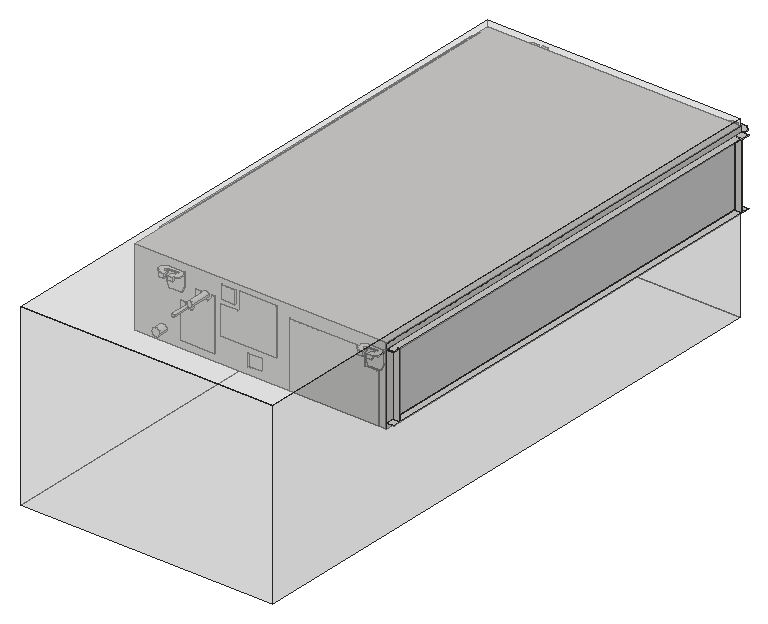
Revit family "outputfile", category 機械設備, Revit 2024
Family settings
  丸型コネクタ寸法 = 半径を使用
  パーツ タイプ = 標準
  OmniClass 番号 = 23.75.10.24.21.27.27
  OmniClass タイトル = Split System Air Conditioning Units
  作業面ベース = いいえ
  常に垂直 = はい
  ロード時にボイドで切り取り = いいえ
  注釈の向きを維持 = いいえ
  共有 = いいえ
  部屋計算ポイント = はい
Parameters (values of type "FBFC36DV2S")
  Description = ""
  製造元 = "Daikin"
  書き出し IFC クラス(タイプ) = "IfcUnitaryEquipmentType"
  定義済み IFC タイプ(タイプ) = "AIRCONDITIONINGUNIT"
  Cost = 0
  モデル = "FBFC36DV2S"
  Type Comments = ""
  Keynote = ""
  Type Image = (empty or 0)
  Assembly Code = ""
  switch_frequency = yes
  r_Liquid Pipe Size = Liquid Pipe Size / 2  # 4.75 mm
  r_Gas Pipe Size = Gas Pipe Size / 2  # 7.95 mm
  r_Drain Pipe Size = Drain Pipe Size / 2  # 12.5 mm
  lw_power = 770.0 mm  # constant formula
  lh_SA = 138.0 mm  # constant formula
  lw_SA = if(Depth = 550.0 mm, 225.0 mm, if(Depth = 700.0 mm, 300.0 mm, if(Depth = 1000.0 mm, 450.0 mm, if(Depth = 1400.0 mm, 650.0 mm, 725.0 mm))))  # 650.0 mm
  lw_RA = if(Depth = 550.0 mm, 275.0 mm, if(Depth = 700.0 mm, 349.0 mm, if(Depth = 1000.0 mm, 499.0 mm, if(Depth = 1400.0 mm, 699.0 mm, 775.0 mm))))  # 699.0 mm
  lh_power = 60.0 mm + [h***]  # 60.0 mm
  lh_mountinghole1 = lh_mountinghole + [h***]  # 222.0 mm
  lh_RA = 123.0 mm  # constant formula
  ld_power = Depth / 2  # 700.0 mm
  connector_voltage = Voltage_50Hz  # 220 V
  connector_powerinput = [Power Input (Cooling)]  # 0.000 kW
  connector_phase = Phase_50Hz  # 1
  Voltage_comment_50Hz = "220 - 240"
  Voltage_50Hz = 220 V
  URL = ""
  Supply Air Direction [instance] = yes
  Sound Power Level_H speed (dB) = 0
  Phase_50Hz = 1
  Minimum External Static Pressure = 50.00 Pa
  Minimum Circuit Amps_50Hz = 0.0 A
  Maximum Fuse Amps_50Hz = 0.0 A
  Maximum External Static Pressure = 150.00 Pa
  Material_Casing = DAIKIN_GalvanizedSteel_Casing_indoorunit
  lw_mountinghole = 630.0 mm  # constant formula
  lh_gaspipe = 183.0 mm + [h***]  # 183.0 mm
  lh_mountinghole = 222.0 mm  # constant formula
  lh_liquidpipe = 136.0 mm + [h***]  # 136.0 mm
  lh_drainpipe = 38.0 mm + [h***]  # 38.0 mm
  lh_antena = Height - lh_mountinghole + 1.0 mm  # 24.0 mm
  ld_drainpipe = Depth / 2 + 26.0 mm  # 726.0 mm
  ld_liquidpipe = Depth / 2 + 69.0 mm  # 769.0 mm
  ld_gaspipe = Depth / 2 + 65.0 mm  # 765.0 mm
  ld_mountinghole = Depth + 38.0 mm  # 1438.0 mm
  h*** = 0.0 mm  # constant formula
  lw_liquidpipe = 179.0 mm  # constant formula
  lw_gaspipe = 229.0 mm  # constant formula
  lw_drainpipe = 91.0 mm  # constant formula
  Width = 800.0 mm
  Version = "ver.1.0"
  Unit Type = "M.S.P. Duct"
  Unit Mass Weight = 46.00 kg
  Unit Designation [instance] = ""
  Uniclass2015Version = "Products v1.30"
  Uniclass2015Title = "Split coil room air conditioning units"
  Uniclass2015Code = "Pr_70_65_03_86"
  Total Cooling Capacity [instance] = 0.000 kW
  Sound Pressure Level_M speed (dBA) = 37.5
  Sound Pressure Level_L speed (dBA) = 35
  Sound Pressure Level_H speed (dBA) = 40
  Series = "SkyAir_Fan Coil Unit"
  Sensible Cooling Capacity [instance] = 0.000 kW
  SA Duct Size Width = 1192.0 mm
  SA Duct Size Height = 176.0 mm
  Refrigerant Type = "R32"
  RA Duct Size Width = 1352.0 mm
  RA Duct Size Height = 208.0 mm
  Power Input (Cooling) = 0.000 kW
  Option Accessory 3 [instance] = ""
  Option Accessory 2 [instance] = ""
  Option Accessory 1 [instance] = ""
  Nominal Cooling Capacity = 10.600 kW
  Minimum Airflow = 1500.00 m³/h
  Median Airflow = 1830.00 m³/h
  Maximum Airflow = 2160.00 m³/h
  Load Classification = HVAC
  Liquid Pipe Size = 9.5 mm
  Link_Nested Family [instance] = ""
  IfcVersion = ""
  IfcExportType = "AIRCONDITIONINGUNIT"
  IfcExportAs = "IfcUnitaryEquipmentType"
  Height = 245.0 mm
  Heat Exchanger Type = "Cross Fin Coil"
  Gas Pipe Size = 15.9 mm
  Frequency_50Hz = 50 Hz
  Fan Type = "Sirocco Fan"
  Fan Drive = "Direct Drive"
  FCU Tag No. [instance] = ""
  Drain Pipe Size = 25.0 mm
  Design Supply Airflow [instance] = 0.00 m³/h
  Design Return Airflow [instance] = 0.00 m³/h
  Design External Static Pressure [instance] = 0.00 Pa
  Depth = 1400.0 mm
  既定の高さ = 0.0 mm
  Cooling Entering Wet Bulb Temperature [instance] = 0.00 °C
  Cooling Entering Dry Bulb Temperature [instance] = 0.00 °C
  Cooling Ambient Wet Bulb Temperature [instance] = 0.00 °C
  Cooling Ambient Dry Bulb Temperature [instance] = 0.00 °C
  Clearance visibility [instance] = yes
  Clearance Top = 20.0 mm
  Clearance Right = 0.0 mm
  Clearance Rear = 0.0 mm
  Clearance Left = 0.0 mm
  Clearance Front = 450.0 mm
  Clearance Bottom = 300.0 mm
Reference planes
  plane 1 "Center (Front/Back)": y = 0
  plane 2 "h": z = 0
  plane 3 "Center (Left/Right)": x = 0
  plane 4 "Back": y = 700
  plane 5 "Front": y = -700
  plane 6 "Left": x = -400
  plane 7 "Right": x = 400
  plane 8 "Top": z = 0
  plane 9 "Bottom": z = -245
  plane 10: y = -215
  plane 11: y = 700
  plane 12: y = -1150
  plane 13: x = -400
  plane 14: x = 400
  plane 15: z = 20
  plane 16: z = -545
  plane 17: x = -400
  plane 18: x = -399
  plane 19: x = 399
  plane 20: y = 50
  plane 21: y = -1
  plane 22: z = -122
  plane 23: y = -701
  plane 24: z = -109
  plane 25: x = -221
  plane 26: y = -765
  plane 27: z = -62
  plane 28: x = -171
  plane 29: y = -726
  plane 30: z = -207
  plane 31: x = -309
  plane 32: x = -309
  plane 33: x = -221
  plane 34: x = -171
  plane 35: x = 370
  plane 36: x = -266
  plane 37: x = 364
  plane 38: y = -719
  plane 39: y = 719
  plane 40: z = -23
  plane 41: z = -107
  plane 42: y = -769
  plane 43: y = -726
  plane 44: x = -251
  plane 45: x = -203
  plane 46: x = -144
  plane 47: z = -59
  plane 48: z = -106
  plane 49: z = -221
  plane 50: z = -109
  plane 51: x = -221
  plane 52: z = -62
  plane 53: x = -171
  plane 54: z = -17
  plane 55: z = -59
  plane 56: x = -121
  plane 57: x = -79
  plane 58: x = -125
  plane 59: x = -64
  plane 60: x = 53
  plane 61: z = -164
  plane 62: z = -73
  plane 63: z = -16
  plane 64: x = 93.5
  plane 65: x = 374.5
  plane 66: x = 330
  plane 67: z = -88.5
  plane 68: z = -38
  plane 69: z = -242.5
  plane 70: x = -38.5
  plane 71: x = 6.5
  plane 72: z = -181
  plane 73: z = -221
  plane 74: y = -699
  plane 75: x = -424
  plane 76: x = 424
Forms (mm)
  Extrusion 1, solid, material "DAIKIN_GalvanizedSteel_Casing_indoorunit" <- "Material_Casing"
    sketch origin (0, 0, 0) x (1, 0, 0) y (0, 1, 0)
      loop
        line (-399, 700) -> (-399, -700) -> (399, -700) -> (399, 700) -> (-399, 700)
    from -245 to 0
  Extrusion 2, solid, material "DAIKIN_GalvanizedSteel_Casing_indoorunit" <- "Material_Casing"
    sketch origin (0, 0, 0) x (1, 0, 0) y (0, 0, 1)
      loop
        line (-251, -221) -> (-144, -221) -> (-144, -59) -> (-154.47, -59)
        arc (-154.47, -59) -> (-171, -78.8) -> (-187.53, -59) r 16.8
        line (-187.53, -59) -> (-203, -59) -> (-203, -106) -> (-206.916, -106)
        arc (-206.916, -106) -> (-221, -123.4) -> (-235.084, -106) r 14.4
        line (-235.084, -106) -> (-251, -106) -> (-251, -221)
    from 700 to 701
  Extrusion 3, solid, material "DAIKIN_GalvanizedSteel_Casing_indoorunit" <- "Material_Casing"
    sketch origin (0, 0, 0) x (1, 0, 0) y (0, 0, 1)
      loop
        line (-121, -17) -> (-121, -59) -> (-79, -59) -> (-79, -17) -> (-121, -17)
      loop
        line (-125, -73) -> (-125, -164) -> (53, -164) -> (53, -16) -> (-64, -16) -> (-64, -73) -> (-125, -73)
    from 700 to 701
  Extrusion 4, solid, material "DAIKIN_GalvanizedSteel_Casing_indoorunit" <- "Material_Casing"
    sketch origin (0, 0, 0) x (1, 0, 0) y (0, 0, 1)
      loop
        line (93.5, -38) -> (93.5, -242.5) -> (374.5, -242.5) -> (374.5, -88.5) -> (330, -88.5) -> (330, -38) -> (93.5, -38)
    from 700 to 701
  Extrusion 5, solid, material "DAIKIN_GalvanizedSteel_Casing_indoorunit" <- "Material_Casing"
    sketch origin (0, 0, 0) x (1, 0, 0) y (0, 0, 1)
      loop
        circle (-221, -109) r 4.75
    from 700 to 769
  Extrusion 6, solid, material "DAIKIN_GalvanizedSteel_Casing_indoorunit" <- "Material_Casing"
    sketch origin (0, 0, 0) x (1, 0, 0) y (0, 0, 1)
      loop
        circle (-171, -62) r 7.95
    from 700 to 765
  Extrusion 7, solid, material "DAIKIN_GalvanizedSteel_Casing_indoorunit" <- "Material_Casing"
    sketch origin (0, 0, 0) x (1, 0, 0) y (0, 0, 1)
      loop
        circle (-309, -207) r 12.5
    from 700 to 726
  Extrusion 8, void
    sketch origin (0, 0, 0) x (1, 0, 0) y (0, 0, 1)
      loop
        line (-38.5, -181) -> (-38.5, -221) -> (6.5, -221) -> (6.5, -181) -> (-38.5, -181)
    from 699 to 700
Cuts and joins
  Extrusion 8 cuts Extrusion 1
Dimensions and locks
  "Height": plane 8 "Top" to plane 9 "Bottom"
  equal spacing: plane 4 "Back", plane 1 "Center (Front/Back)", plane 5 "Front"
  "Depth": plane 4 "Back" to plane 5 "Front"
  equal spacing: plane 6 "Left", plane 3 "Center (Left/Right)", plane 7 "Right"
  "Width": plane 6 "Left" to plane 7 "Right"
  "Clearance Left": plane 13 to plane 6 "Left"
  "Clearance Right": plane 7 "Right" to plane 14
  "Clearance Rear": plane 11 to plane 4 "Back"
  "Clearance Front": plane 5 "Front" to plane 12
  "Clearance Top": plane 15 to plane 8 "Top"
  "Clearance Bottom": plane 9 "Bottom" to plane 16
  locked: plane 17 to plane 18 at 1
  locked: plane 19 to plane 14 at 1
  "lw_SA": plane 11 to plane 20
  "lw_RA": plane 21 to plane 5 "Front"
  "lh_RA": plane 22 to plane 9 "Bottom"
  locked: plane 5 "Front" to plane 23 at 1
  "lw_liquidpipe": plane 25 to plane 6 "Left"
  "lh_liquidpipe": plane 24 to plane 9 "Bottom"
  "lh_gaspipe": plane 27 to plane 9 "Bottom"
  "lw_gaspipe": plane 28 to plane 6 "Left"
  "ld_gaspipe": plane 26 to plane 1 "Center (Front/Back)"
  "ld_drainpipe": plane 29 to plane 1 "Center (Front/Back)"
  "lh_drainpipe": plane 30 to plane 9 "Bottom"
  "lw_drainpipe": plane 31 to plane 6 "Left"
  "lw_drainpipe": plane 6 "Left" to plane 32
  "lw_liquidpipe": plane 6 "Left" to plane 33
  "lw_gaspipe": plane 6 "Left" to plane 34
  "lw_power": plane 6 "Left" to plane 35
  locked: plane 17 to plane 36 at 134
  "lw_mountinghole": plane 36 to plane 37
  equal spacing: plane 38, plane 1 "Center (Front/Back)", plane 39
  "ld_mountinghole": plane 39 to plane 38
  "lh_mountinghole": plane 40 to plane 9 "Bottom"
  "lh_SA": plane 41 to plane 9 "Bottom"
  locked: plane 5 "Front" to plane 43 at 26
  plane 46 to plane 45 to plane 44 to plane 6 "Left" = 59.0 mm, 48.0 mm, 149.0 mm
  plane 8 "Top" to plane 47 to plane 48 to plane 49 = 59.0 mm locked, 47.0 mm locked, 115.0 mm locked
  plane 53 to plane 51 to plane 6 "Left" = 50.0 mm locked, 179.0 mm locked
  plane 52 to plane 50 to plane 9 "Bottom" = 47.0 mm locked, 136.0 mm locked
  plane 57 to plane 56 to plane 6 "Left" = 42.0 mm locked, 279.0 mm locked
  plane 8 "Top" to plane 54 to plane 55 = 17.0 mm locked, 42.0 mm locked
  plane 60 to plane 59 to plane 58 to plane 6 "Left" = 117.0 mm, 61.0 mm, 275.0 mm
  plane 8 "Top" to plane 63 to plane 62 = 16.0 mm locked, 57.0 mm locked
  locked: plane 63 to plane 61 at 148
  plane 8 "Top" to plane 68 to plane 67 to plane 69 = 38.0 mm locked, 50.5 mm locked, 154.0 mm locked
  plane 65 to plane 66 to plane 64 to plane 6 "Left" = 44.5 mm locked, 236.5 mm locked, 493.5 mm locked
  plane 8 "Top" to plane 72 to plane 73 = 181.0 mm locked, 40.0 mm locked
  plane 71 to plane 70 to plane 6 "Left" = 45.0 mm, 361.5 mm
  locked: plane 74 to plane 5 "Front" at 1
  locked: plane 75 to plane 17 at 24
  locked: plane 14 to plane 76 at 24
  "ld_liquidpipe": plane 42 to plane 1 "Center (Front/Back)"
  "r_Liquid Pipe Size": radius of Extrusion 5 sketch curve
  "r_Gas Pipe Size": radius of Extrusion 6 sketch curve
  "r_Drain Pipe Size": radius of Extrusion 7 sketch curve
  aligned and locked: level to plane 2 "h"
  aligned and locked: plane 8 "Top" to Extrusion 1
  aligned and locked: Extrusion 1 to plane 9 "Bottom"
  aligned and locked: nested 5 to plane 12
  aligned and locked: plane 13 to nested 5
  aligned and locked: plane 14 to nested 5
  aligned and locked: nested 5 to plane 13
  aligned and locked: plane 11 to nested 5
  aligned and locked: plane 15 to nested 5
  aligned and locked: plane 16 to nested 5
  aligned and locked: plane 5 "Front" to Extrusion 1 sketch curve
  aligned and locked: Extrusion 1 to plane 18
  aligned and locked: plane 19 to Extrusion 1
  aligned and locked: nested 7 to plane 18
  aligned and locked: nested 7 to plane 20
  aligned and locked: plane 19 to nested 8
  aligned and locked: plane 21 to nested 8
  aligned and locked: plane 22 to nested 8
  aligned and locked: Extrusion 2 to plane 23
  aligned and locked: plane 5 "Front" to Extrusion 2
  aligned and locked: Extrusion 3 to plane 23
  aligned and locked: plane 5 "Front" to Extrusion 3
  aligned and locked: plane 5 "Front" to Extrusion 4
  aligned and locked: Extrusion 5 sketch curve to plane 25
  aligned and locked: plane 24 to Extrusion 5 sketch curve
  aligned and locked: plane 5 "Front" to Extrusion 5
  aligned and locked: Extrusion 6 sketch curve to plane 28
  aligned and locked: plane 27 to Extrusion 6 sketch curve
  aligned and locked: plane 5 "Front" to Extrusion 6
  aligned and locked: Extrusion 7 sketch curve to plane 31
  aligned and locked: plane 30 to Extrusion 7 sketch curve
  aligned and locked: Extrusion 7 to plane 29
  aligned and locked: nested 3 to plane 29
  aligned and locked: nested 3 to plane 32
  aligned and locked: nested 2 to plane 33
  aligned and locked: nested 1 to plane 34
  aligned and locked: Extrusion 6 to plane 26
  aligned and locked: nested 1 to plane 26
  aligned and locked: nested 6 to plane 5 "Front"
  aligned and locked: nested 6 to plane 35
  aligned and locked: plane 36 to nested 10
  aligned and locked: nested 10 to plane 5 "Front"
  aligned and locked: plane 37 to nested 9
  aligned and locked: nested 9 to plane 5 "Front"
  aligned and locked: nested 11 to plane 36
  aligned and locked: plane 4 "Back" to nested 11
  aligned and locked: nested 12 to plane 37
  aligned and locked: plane 4 "Back" to nested 12
  aligned and locked: plane 40 to nested 10
  aligned and locked: plane 40 to nested 11
  aligned and locked: plane 40 to nested 9
  aligned and locked: plane 40 to nested 12
  aligned and locked: plane 36 to nested 14
  aligned and locked: nested 14 to plane 39
  aligned and locked: plane 37 to nested 13
  aligned and locked: nested 13 to plane 39
  aligned and locked: plane 37 to nested 16
  aligned and locked: plane 38 to nested 16
  aligned and locked: plane 38 to nested 15
  aligned and locked: plane 36 to nested 15
  aligned and locked: plane 17 to plane 6 "Left"
  aligned and locked: plane 41 to nested 7
  aligned and locked: Extrusion 5 to plane 42
  aligned and locked: nested 2 to plane 42
  aligned and locked: Extrusion 3 sketch curve to plane 54
  aligned and locked: Extrusion 3 sketch curve to plane 56
  aligned and locked: plane 55 to Extrusion 3 sketch curve
  aligned and locked: plane 57 to Extrusion 3 sketch curve
  aligned and locked: Extrusion 4 to plane 23
  aligned and locked: Extrusion 8 sketch curve to plane 72
  aligned and locked: plane 73 to Extrusion 8 sketch curve
  aligned and locked: plane 71 to Extrusion 8 sketch curve
  aligned and locked: plane 5 "Front" to Extrusion 8
  aligned and locked: plane 74 to Extrusion 8
  aligned and locked: nested 17 to plane 20
  aligned and locked: nested 17 to plane 75
  aligned and locked: plane 21 to nested 18
  aligned and locked: plane 76 to nested 18
  aligned and locked: plane 41 to nested 17
  aligned and locked: nested 18 to plane 22
  aligned and locked: nested 4 to plane 3 "Center (Left/Right)"
  aligned and locked: plane 1 "Center (Front/Back)" to nested 4
  aligned and locked: level to plane 8 "Top"
  aligned and locked: plane 5 "Front" to Extrusion 7
Automatic sketch dimensions
  plane 6 "Left" to Extrusion 1 sketch curve = 1.0 mm
  Extrusion 1 sketch curve to plane 7 "Right" = 1.0 mm
  Extrusion 1 sketch curve to plane 4 "Back" = 0.0 mm
  Extrusion 2 sketch curve to plane 44 = 0.0 mm
  Extrusion 2 sketch curve to plane 33 = 0.0 mm
  Extrusion 2 sketch curve to plane 45 = 0.0 mm
  Extrusion 2 sketch curve to plane 34 = 0.0 mm
  Extrusion 2 sketch curve to plane 46 = 0.0 mm
  Extrusion 2 sketch curve to plane 49 = 0.0 mm
  Extrusion 2 sketch curve to plane 50 = 0.0 mm
  Extrusion 2 sketch curve to plane 48 = 0.0 mm  (x3)
  Extrusion 2 sketch curve to plane 52 = 0.0 mm
  Extrusion 2 sketch curve to plane 47 = 0.0 mm  (x3)
  plane 33 to Extrusion 2 sketch curve = 14.084 mm
  plane 34 to Extrusion 2 sketch curve = 16.53 mm
  Extrusion 3 sketch curve to plane 58 = 0.0 mm
  Extrusion 3 sketch curve to plane 59 = 0.0 mm
  Extrusion 3 sketch curve to plane 60 = 0.0 mm
  Extrusion 3 sketch curve to plane 61 = 0.0 mm
  Extrusion 3 sketch curve to plane 62 = 0.0 mm
  Extrusion 3 sketch curve to plane 63 = 0.0 mm
  Extrusion 4 sketch curve to plane 64 = 0.0 mm
  Extrusion 4 sketch curve to plane 66 = 0.0 mm
  Extrusion 4 sketch curve to plane 65 = 0.0 mm
  Extrusion 4 sketch curve to plane 69 = 0.0 mm
  Extrusion 4 sketch curve to plane 67 = 0.0 mm
  Extrusion 4 sketch curve to plane 68 = 0.0 mm
  Extrusion 8 sketch curve to plane 70 = 0.0 mm
Nested families
  nested 1: "daikin_connector_rotate2" at (-171, 0, -62), length <- "ld_gaspipe", built-in parameter 1001364 <- "lh_gaspipe", radius <- "r_Gas Pipe Size", type "daikin_connector_rotate2"
    with radius 7.95 mm, length 765.0 mm, angle_vertical 90.00°
  nested 2: "daikin_connector_rotate2" at (-221, 0, -109), length <- "ld_liquidpipe", built-in parameter 1001364 <- "lh_liquidpipe", radius <- "r_Liquid Pipe Size", type "daikin_connector_rotate2"
    with radius 4.75 mm, length 769.0 mm, angle_vertical 90.00°
  nested 3: "daikin_connector_rotate2" at (-309, 0, -207), length <- "ld_drainpipe", built-in parameter 1001364 <- "lh_drainpipe", radius <- "r_Drain Pipe Size", type "daikin_connector_rotate2"
    with radius 12.5 mm, length 726.0 mm, angle_vertical 90.00°
  nested 4: "daikin_△_symbolicline" at (0, 0, 245) x (0, -1, 0) z (0, 0, 1), built-in parameter 1001364 <- "Height", visible <- "Supply Air Direction", type "daikin_△_symbolicline"
    with length 200.0 mm
  nested 5: "daikin_clearancespace" at (0, -225, -262.381), visible <- "Clearance visibility", show <- "Clearance visibility", Link_Nested Family <- "Link_Nested Family", type "daikin_clearancespace"
    with width 800.0 mm, show yes, height 565.0 mm, depth 1850.0 mm, Link_Nested Family ""
  nested 6: "daikin_connector_rotate2" at (370, 0, -185), built-in parameter 1001364 <- "lh_power", length <- "ld_power", type "daikin_connector_rotate2"
    with radius 10.0 mm, length 700.0 mm, angle_vertical 90.00°
  nested 7: "daikin_ductflange_FBFC-DV2S2" at (-399, 50, -107) x (0, -1, 0) z (0, 0, 1), type "daikin_ductflange_FBFC-DV2S2"
  nested 8: "daikin_ductflange_FBFC-DV2S" at (399, -1, -122) x (0, 1, 0) z (0, 0, 1), type "daikin_ductflange_FBFC-DV2S"
    with width 1352.0 mm, lw 25.0 mm, w 1400.0 mm
  nested 9: "daikin_hangerfixture_FBFC-DV2S" at (364, -700, -23), type "daikin_hangerfixture_FBFC-DV2S"
  nested 10: "daikin_hangerfixture_FBFC-DV2S" at (-266, -700, -23), type "daikin_hangerfixture_FBFC-DV2S"
  nested 11: "daikin_hangerfixture_FBFC-DV2S" at (-266, 700, -23) x (-1, 0, 0) z (0, 0, 1), type "daikin_hangerfixture_FBFC-DV2S"
  nested 12: "daikin_hangerfixture_FBFC-DV2S" at (364, 700, -23) x (-1, 0, 0) z (0, 0, 1), type "daikin_hangerfixture_FBFC-DV2S"
  nested 13: "daikin_mountinghole" at (364, 719, -245), h_mountinghole <- "lh_mountinghole1", l_antenna <- "lh_antena", Link_Nested Family <- "Link_Nested Family", type "daikin_mountinghole"
    with show yes, l_antenna 24.0 mm, h_mountinghole 222.0 mm, Link_Nested Family ""
  nested 14: "daikin_mountinghole" at (-266, 719, -245), h_mountinghole <- "lh_mountinghole1", l_antenna <- "lh_antena", Link_Nested Family <- "Link_Nested Family", type "daikin_mountinghole"
    with show yes, l_antenna 24.0 mm, h_mountinghole 222.0 mm, Link_Nested Family ""
  nested 15: "daikin_mountinghole" at (-266, -719, -245), h_mountinghole <- "lh_mountinghole1", l_antenna <- "lh_antena", Link_Nested Family <- "Link_Nested Family", type "daikin_mountinghole"
    with show yes, l_antenna 24.0 mm, h_mountinghole 222.0 mm, Link_Nested Family ""
  nested 16: "daikin_mountinghole" at (364, -719, -245), h_mountinghole <- "lh_mountinghole1", l_antenna <- "lh_antena", Link_Nested Family <- "Link_Nested Family", type "daikin_mountinghole"
    with show yes, l_antenna 24.0 mm, h_mountinghole 222.0 mm, Link_Nested Family ""
  nested 17: "daikin_connector_rotate2" at (-400, 50, -107) x (0, -1, 0) z (0, 0, 1), type "daikin_connector_rotate2"
    with radius 10.0 mm, length 24.0 mm, angle_vertical 90.00°
  nested 18: "daikin_connector_rotate2" at (400, -1, -122) x (0, 1, 0) z (0, 0, 1), type "daikin_connector_rotate2"
    with radius 10.0 mm, length 24.0 mm, angle_vertical 90.00°
Connectors
  piping at (-309, -726, -207), diameter 25, driven by "r_Drain Pipe Size"
    settings: on nested 3, index 3, connector inside diameter 609.6 mm, connector length 0.0 mm, flow factor 0, pipe flow 0.00 m³/h, pressure drop 0.0 Pa, fitting loss kfactor 0, connector angle 0.00°, fixture units 0, engagement length 0.0 mm, angle of deflection 0.00°, flow configuration 1, flow direction 2, fitting loss method 4, system type 16, joint type 0, gender type 0, connector reference index -1, connector utility 0, adjustable connector no, is connector primary yes, connector description "Condensate Drain Piping"
  piping at (-171, -765, -62), diameter 15.9, driven by "r_Gas Pipe Size"
    settings: on nested 1, index 4, connector inside diameter 609.6 mm, connector length 0.0 mm, flow factor 0, pipe flow 0.00 m³/h, pressure drop 0.0 Pa, fitting loss kfactor 0, connector angle 0.00°, fixture units 0, engagement length 0.0 mm, angle of deflection 0.00°, flow configuration 1, flow direction 2, fitting loss method 0, system type 29, joint type 0, gender type 0, connector reference index -1, connector utility 0, adjustable connector no, is connector primary no, connector description "Refrigerant Gas Piping"
  piping at (-221, -769, -109), diameter 9.5, driven by "r_Liquid Pipe Size"
    settings: on nested 2, index 5, connector inside diameter 609.6 mm, connector length 0.0 mm, flow factor 0, pipe flow 0.00 m³/h, pressure drop 0.0 Pa, fitting loss kfactor 0, connector angle 0.00°, fixture units 0, engagement length 0.0 mm, angle of deflection 0.00°, flow configuration 1, flow direction 1, fitting loss method 0, system type 29, joint type 0, gender type 0, connector reference index -1, connector utility 0, adjustable connector no, is connector primary no, connector description "Refrigerant Liquid Piping"
  electrical at (370, -700, -185), driven by "Load Classification", driven by "connector_powerinput", driven by "connector_phase", driven by "connector_voltage"
    settings: on nested 6, index 6, voltage 220 V, apparent load 0 VA, apparent load phase1 0 VA, apparent load phase2 0 VA, apparent load phase3 0 VA, power factor 1, load classification "HVAC", number of poles 1, system type 30, power factor state 1, is connector primary yes, connector utility no, sub classification motor no, connector description "Power Supply"
  hvac at (-424, 50, -107), driven by "SA Duct Size Height", driven by "SA Duct Size Width"
    settings: on nested 17, index 7, duct flow 0.00 m³/h, flow factor 0, pres drop 0.00 Pa, loss coef 0, conn angle 0.00°, conn width 1192.0 mm, conn height 176.0 mm, conn diameter 609.6 mm, duct sys type 1, conn prof type 1, flow config 0, flow direction 2, loss method 4, conn ref index -1, conn util no, is conn primary yes, conn desc "SA Duct"
  hvac at (424, -1, -122), driven by "RA Duct Size Height", driven by "RA Duct Size Width"
    settings: on nested 18, index 8, duct flow 0.00 m³/h, flow factor 0, pres drop 0.00 Pa, loss coef 0, conn angle 0.00°, conn width 1352.0 mm, conn height 208.0 mm, conn diameter 609.6 mm, duct sys type 2, conn prof type 1, flow config 0, flow direction 1, loss method 4, conn ref index -1, conn util no, is conn primary no, conn desc "RA Duct"
Definition of nested family "daikin_clearancespace"
  Parameters (values of type "daikin_clearancespace")
    Description = "daikin_clearancespace"
    width [instance] = 1823.963 mm
    show [instance] = yes
    material = none
    height [instance] = 1359.762 mm
    depth [instance] = 880.0 mm
    Default Elevation = 0.0 mm
    Link_Nested Family [instance] = ""
  Reference planes
    plane 1 "Center (Front/Back)": y = 0
    plane 2 "Center (Elevation)": z = -0.119
    plane 3 "Center (Left/Right)": x = 0
    plane 4: y = 440
    plane 5: y = -440
    plane 6 "Right": x = 911.982
    plane 7 "Left": x = -911.982
    plane 8 "Top": z = 679.762
    plane 9 "Bottom": z = -680
  Forms (mm)
    Extrusion 1, solid, material <- "material", visible <- "show"
      sketch origin (0, 0, 0) x (1, 0, 0) y (0, 1, 0)
        loop
          line (-911.982, 440) -> (-911.982, -440) -> (911.982, -440) -> (911.982, 440) -> (-911.982, 440)
      from -680 to 679.762
  Lines and regions (mm)
    symbolic lines, visible <- "show"
      curve 1: line (911.982, 440, 0) -> (-911.982, 440, 0)
      curve 2: line (-911.982, 440, 0) -> (-911.982, -440, 0)
      curve 3: line (-911.982, -440, 0) -> (911.982, -440, 0)
      curve 4: line (911.982, -440, 0) -> (911.982, 440, 0)
      curve 5: line (911.982, 0, 679.762) -> (-911.982, 0, 679.762)
      curve 6: line (911.982, 0, -680) -> (911.982, 0, 679.762)
      curve 7: line (-911.982, 0, -680) -> (911.982, 0, -680)
      curve 8: line (-911.982, 0, 679.762) -> (-911.982, 0, -680)
      curve 9: line (0, 440, 679.762) -> (0, -440, 679.762)
      curve 10: line (0, -440, 679.762) -> (0, -440, -680)
      curve 11: line (0, 440, -680) -> (0, 440, 679.762)
      curve 12: line (0, -440, -680) -> (0, 440, -680)
  Dimensions and locks
    "width": plane 7 "Left" to plane 6 "Right"
    "depth": plane 4 to plane 5
    "height": plane 8 "Top" to plane 9 "Bottom"
    equal spacing: plane 7 "Left", plane 3 "Center (Left/Right)", plane 6 "Right"
    equal spacing: plane 4, plane 1 "Center (Front/Back)", plane 5
    equal spacing: plane 8 "Top", plane 2 "Center (Elevation)", plane 9 "Bottom"
    aligned and locked: level to plane 2 "Center (Elevation)"
    aligned and locked: Extrusion 1 sketch curve to plane 4
    aligned and locked: plane 7 "Left" to Extrusion 1 sketch curve
    aligned and locked: Extrusion 1 sketch curve to plane 5
    aligned and locked: Extrusion 1 sketch curve to plane 6 "Right"
    aligned and locked: plane 8 "Top" to Extrusion 1
    aligned and locked: curve 1 to Extrusion 1
    aligned and locked: curve 2 to Extrusion 1
    aligned and locked: curve 3 to Extrusion 1
    aligned and locked: curve 4 to Extrusion 1
    aligned and locked: curve 5 to Extrusion 1
    aligned and locked: curve 6 to Extrusion 1
    aligned and locked: curve 7 to Extrusion 1
    aligned and locked: curve 8 to Extrusion 1
    aligned and locked: curve 9 to Extrusion 1
    aligned and locked: curve 10 to Extrusion 1
    aligned and locked: curve 11 to Extrusion 1
    aligned and locked: curve 12 to Extrusion 1
    aligned and locked: Extrusion 1 to plane 9 "Bottom"
Definition of nested family "daikin_ductflange_FBFC-DV2S2"
  Parameters (values of type "daikin_ductflange_FBFC-DVMG2")
    width = if(w = 550.0 mm, 337.0 mm, if(w = 700.0 mm, 492.0 mm, if(w = 1000.0 mm, 792.0 mm, if(w = 1400.0 mm, 1192.0 mm, 1337.0 mm))))  # 1192.0 mm
    material = none
    height = 215.0 mm
    depth = 1.0 mm
    w = 1400.0 mm
    Default Elevation = 0.0 mm
  Reference planes
    plane 1 "Center (Front/Back)": y = 0
    plane 2: z = 0
    plane 3 "Center (Left/Right)": x = 0
    plane 4: z = 88
    plane 5: z = -88
    plane 6: y = -25
    plane 7: z = 106
    plane 8: z = 89
    plane 9: y = -1
    plane 10: x = -617.5
    plane 11: x = 617.5
    plane 12: z = -106
    plane 13: z = -89
    plane 14: y = -1
    plane 15: x = 596
    plane 16: x = -596
    plane 17: x = 597
    plane 18: z = 87
    plane 19: z = -87
    plane 20: x = -597
    plane 21: z = 87
    plane 22: z = -87
    plane 23: y = -1
  Forms (mm)
    Extrusion 1, solid, material <- "material"
      sketch origin (0, 0, 0) x (0, 1, 0) y (0, 0, 1)
        loop
          line (-25, 88) -> (0, 88) -> (0, 106) -> (-1, 106) -> (-1, 89) -> (-25, 89) -> (-25, 88)
      from -617.5 to 617.5
    Extrusion 2, solid, material <- "material"
      sketch origin (0, 0, 0) x (0, 1, 0) y (0, 0, 1)
        loop
          line (-25, -88) -> (-25, -89) -> (-1, -89) -> (-1, -106) -> (0, -106) -> (0, -88) -> (-25, -88)
      from -617.5 to 617.5
    Extrusion 3, solid, material <- "material"
      sketch origin (0, 0, 0) x (1, 0, 0) y (0, 0, 1)
        loop
          line (596, 88) -> (596, -88) -> (617.5, -88) -> (617.5, -87) -> (597, -87) -> (597, 87) -> (617.5, 87) -> (617.5, 88) -> (596, 88)
      from 0 to 25
    Extrusion 4, solid, material <- "material"
      sketch origin (0, 0, 0) x (1, 0, 0) y (0, 0, 1)
        loop
          line (-617.5, 88) -> (-617.5, 87) -> (-597, 87) -> (-597, -87) -> (-617.5, -87) -> (-617.5, -88) -> (-596, -88) -> (-596, 88) -> (-617.5, 88)
      from 0 to 25
    Extrusion 5, solid, material <- "material"
      sketch origin (0, 0, 0) x (1, 0, 0) y (0, 0, 1)
        loop
          line (-617.5, 88) -> (-617.5, -88) -> (-596, -88) -> (-596, 88) -> (-617.5, 88)
        loop
          line (617.5, 88) -> (596, 88) -> (596, -88) -> (617.5, -88) -> (617.5, 88)
      from 0 to 1
  Cuts and joins
    joined: Extrusion 1, Extrusion 2, Extrusion 3, Extrusion 4, Extrusion 5
  Dimensions and locks
    plane 4 to level to plane 5 = 88.0 mm, 88.0 mm
    locked: plane 6 to plane 1 "Center (Front/Back)" at 25
    locked: plane 9 to plane 1 "Center (Front/Back)" at 1
    locked: plane 8 to plane 4 at 1
    locked: plane 16 to plane 10 at 21.5
    locked: plane 17 to plane 15 at 1
    locked: plane 4 to plane 18 at 1
    locked: plane 19 to plane 5 at 1
    "width": plane 15 to plane 16
    plane 4 to plane 5 = 176.0 mm
    locked: plane 16 to plane 20 at 1
    locked: plane 4 to plane 21 at 1
    locked: plane 22 to plane 5 at 1
    locked: plane 23 to plane 1 "Center (Front/Back)" at 1
    plane 4 to level to plane 5 = 88.0 mm locked, 88.0 mm locked
    locked: plane 5 to plane 13 at 1
    locked: plane 5 to plane 12 at 18
    locked: plane 7 to plane 4 at 18
    equal spacing: plane 15, plane 3 "Center (Left/Right)", plane 16
    locked: plane 11 to plane 15 at 21.5
    plane 11 to plane 10 = 1235.0 mm
    aligned and locked: level to plane 2
    aligned and locked: Extrusion 1 to plane 10
    aligned and locked: plane 11 to Extrusion 1
    aligned and locked: plane 5 to Extrusion 2
    aligned and locked: Extrusion 2 to plane 1 "Center (Front/Back)"
    aligned and locked: plane 15 to Extrusion 3 sketch curve
    aligned and locked: Extrusion 3 sketch curve to Extrusion 2  (x2)
    aligned and locked: Extrusion 3 sketch curve to plane 11
    aligned and locked: plane 6 to Extrusion 3
    aligned and locked: Extrusion 2 to plane 10
    aligned and locked: plane 11 to Extrusion 2
    aligned and locked: Extrusion 4 sketch curve to Extrusion 1  (x2)
    aligned and locked: plane 5 to Extrusion 4 sketch curve
    aligned and locked: Extrusion 4 sketch curve to plane 16
    aligned and locked: Extrusion 4 sketch curve to plane 22
    aligned and locked: plane 20 to Extrusion 4 sketch curve
    aligned and locked: plane 21 to Extrusion 4 sketch curve
    aligned and locked: Extrusion 4 to plane 1 "Center (Front/Back)"
    aligned and locked: plane 6 to Extrusion 4
    aligned and locked: Extrusion 5 sketch curve to Extrusion 1  (x4)
    aligned and locked: Extrusion 5 sketch curve to Extrusion 4  (x2)
    aligned and locked: Extrusion 5 sketch curve to Extrusion 3  (x2)
    aligned and locked: Extrusion 5 to plane 1 "Center (Front/Back)"
    aligned and locked: plane 23 to Extrusion 5
  Automatic sketch dimensions
    Extrusion 1 sketch curve to plane 6 = 0.0 mm
    Extrusion 1 sketch curve to plane 7 = 0.0 mm
    Extrusion 1 sketch curve to plane 9 = 0.0 mm
    Extrusion 1 sketch curve to plane 1 "Center (Front/Back)" = 0.0 mm
    Extrusion 1 sketch curve to plane 4 = 0.0 mm
    Extrusion 1 sketch curve to plane 8 = 0.0 mm
    Extrusion 2 sketch curve to plane 6 = 0.0 mm
    plane 12 to Extrusion 2 sketch curve = 0.0 mm
    Extrusion 2 sketch curve to plane 14 = 0.0 mm
    Extrusion 2 sketch curve to plane 1 "Center (Front/Back)" = 0.0 mm
    plane 13 to Extrusion 2 sketch curve = 0.0 mm
    Extrusion 2 sketch curve to plane 5 = 0.0 mm
    Extrusion 3 sketch curve to plane 17 = 0.0 mm
    Extrusion 3 sketch curve to plane 19 = 0.0 mm
    Extrusion 3 sketch curve to plane 18 = 0.0 mm
    Extrusion 3 sketch curve to plane 4 = 0.0 mm
    Extrusion 4 sketch curve to plane 10 = 0.0 mm
Definition of nested family "daikin_ductflange_FBFC-DV2S"
  Parameters (values of type "daikin_ductflange_FBFC-DVMG")
    width = if(w = 550.0 mm, 502.0 mm, if(w = 700.0 mm, 654.0 mm, if(w = 1000.0 mm, 952.0 mm, if(w = 1400.0 mm, 1352.0 mm, 1502.0 mm))))  # 654.0 mm
    material = none
    lw = if(width = 654.0 mm, 23.0 mm, 25.0 mm)  # 23.0 mm
    height = 208.0 mm
    depth = 1.0 mm
    w = 700.0 mm
    Default Elevation = 0.0 mm
  Reference planes
    plane 1 "Center (Front/Back)": y = 0
    plane 2: z = 0
    plane 3 "Center (Left/Right)": x = 0
    plane 4: z = 104
    plane 5: z = -104
    plane 6: y = -25
    plane 7: z = 121
    plane 8: z = 105
    plane 9: y = -1
    plane 10: x = -350
    plane 11: x = 350
    plane 12: z = -122
    plane 13: z = -105
    plane 14: y = -1
    plane 15: x = 327
    plane 16: x = -327
    plane 17: x = 328
    plane 18: z = 103
    plane 19: z = -103
    plane 20: x = -328
    plane 21: z = 103
    plane 22: z = -103
    plane 23: y = -1
  Forms (mm)
    Extrusion 1, solid, material <- "material"
      sketch origin (0, 0, 0) x (0, 1, 0) y (0, 0, 1)
        loop
          line (-25, 104) -> (0, 104) -> (0, 121) -> (-1, 121) -> (-1, 105) -> (-25, 105) -> (-25, 104)
      from -350 to 350
    Extrusion 2, solid, material <- "material"
      sketch origin (0, 0, 0) x (0, 1, 0) y (0, 0, 1)
        loop
          line (-25, -104) -> (-25, -105) -> (-1, -105) -> (-1, -122) -> (0, -122) -> (0, -104) -> (-25, -104)
      from -350 to 350
    Extrusion 3, solid, material <- "material"
      sketch origin (0, 0, 0) x (1, 0, 0) y (0, 0, 1)
        loop
          line (327, 104) -> (327, -104) -> (350, -104) -> (350, -103) -> (328, -103) -> (328, 103) -> (350, 103) -> (350, 104) -> (327, 104)
      from 0 to 25
    Extrusion 4, solid, material <- "material"
      sketch origin (0, 0, 0) x (1, 0, 0) y (0, 0, 1)
        loop
          line (-350, 104) -> (-350, 103) -> (-328, 103) -> (-328, -103) -> (-350, -103) -> (-350, -104) -> (-327, -104) -> (-327, 104) -> (-350, 104)
      from 0 to 25
    Extrusion 5, solid, material <- "material"
      sketch origin (0, 0, 0) x (1, 0, 0) y (0, 0, 1)
        loop
          line (-350, 104) -> (-350, -104) -> (-327, -104) -> (-327, 104) -> (-350, 104)
        loop
          line (350, 104) -> (327, 104) -> (327, -104) -> (350, -104) -> (350, 104)
      from 0 to 1
  Cuts and joins
    joined: Extrusion 1, Extrusion 2, Extrusion 3, Extrusion 4, Extrusion 5
  Dimensions and locks
    plane 4 to level to plane 5 = 104.0 mm, 104.0 mm
    locked: plane 6 to plane 1 "Center (Front/Back)" at 25
    locked: plane 9 to plane 1 "Center (Front/Back)" at 1
    locked: plane 8 to plane 4 at 1
    "lw": plane 11 to plane 15
    "lw": plane 16 to plane 10
    locked: plane 17 to plane 15 at 1
    locked: plane 4 to plane 18 at 1
    locked: plane 19 to plane 5 at 1
    "width": plane 15 to plane 16
    equal spacing: plane 15, plane 3 "Center (Left/Right)", plane 16
    locked: plane 16 to plane 20 at 1
    locked: plane 4 to plane 21 at 1
    locked: plane 22 to plane 5 at 1
    locked: plane 23 to plane 1 "Center (Front/Back)" at 1
    locked: plane 7 to plane 4 at 17
    locked: plane 1 "Center (Front/Back)" to plane 14 at 1
    locked: plane 5 to plane 13 at 1
    "height": plane 4 to plane 5
    plane 11 to plane 10 = 700.0 mm
    locked: plane 12 to plane 13 at 17
    equal spacing: plane 4, level, plane 5
    aligned and locked: level to plane 2
    aligned and locked: Extrusion 1 to plane 10
    aligned and locked: plane 11 to Extrusion 1
    aligned and locked: plane 5 to Extrusion 2
    aligned and locked: Extrusion 2 to plane 1 "Center (Front/Back)"
    aligned and locked: plane 15 to Extrusion 3 sketch curve
    aligned and locked: Extrusion 3 sketch curve to Extrusion 2  (x2)
    aligned and locked: Extrusion 3 sketch curve to plane 11
    aligned and locked: plane 6 to Extrusion 3
    aligned and locked: Extrusion 2 to plane 10
    aligned and locked: plane 11 to Extrusion 2
    aligned and locked: Extrusion 4 sketch curve to Extrusion 1  (x2)
    aligned and locked: plane 5 to Extrusion 4 sketch curve
    aligned and locked: Extrusion 4 sketch curve to plane 16
    aligned and locked: Extrusion 4 sketch curve to plane 22
    aligned and locked: plane 20 to Extrusion 4 sketch curve
    aligned and locked: plane 21 to Extrusion 4 sketch curve
    aligned and locked: Extrusion 4 to plane 1 "Center (Front/Back)"
    aligned and locked: plane 6 to Extrusion 4
    aligned and locked: Extrusion 5 sketch curve to Extrusion 1  (x4)
    aligned and locked: Extrusion 5 sketch curve to Extrusion 4  (x2)
    aligned and locked: Extrusion 5 sketch curve to Extrusion 3  (x2)
    aligned and locked: Extrusion 5 to plane 1 "Center (Front/Back)"
    aligned and locked: plane 23 to Extrusion 5
  Automatic sketch dimensions
    Extrusion 1 sketch curve to plane 6 = 0.0 mm
    Extrusion 1 sketch curve to plane 7 = 0.0 mm
    Extrusion 1 sketch curve to plane 9 = 0.0 mm
    Extrusion 1 sketch curve to plane 1 "Center (Front/Back)" = 0.0 mm
    Extrusion 1 sketch curve to plane 4 = 0.0 mm
    Extrusion 1 sketch curve to plane 8 = 0.0 mm
    Extrusion 2 sketch curve to plane 6 = 0.0 mm
    plane 12 to Extrusion 2 sketch curve = 0.0 mm
    Extrusion 2 sketch curve to plane 14 = 0.0 mm
    Extrusion 2 sketch curve to plane 1 "Center (Front/Back)" = 0.0 mm
    plane 13 to Extrusion 2 sketch curve = 0.0 mm
    Extrusion 2 sketch curve to plane 5 = 0.0 mm
    Extrusion 3 sketch curve to plane 17 = 0.0 mm
    Extrusion 3 sketch curve to plane 19 = 0.0 mm
    Extrusion 3 sketch curve to plane 18 = 0.0 mm
    Extrusion 3 sketch curve to plane 4 = 0.0 mm
    Extrusion 4 sketch curve to plane 10 = 0.0 mm
Definition of nested family "daikin_hangerfixture_FBFC-DV2S"
  Parameters (values of type "daikin_hangerfixture_FXMQ-PAVE")
    width = 72.0 mm
    material = none
    height = 60.0 mm
    depth = 41.0 mm
    Default Elevation = 0.0 mm
  Reference planes
    plane 1 "Center (Front/Back)": y = 0
    plane 2: z = 0
    plane 3 "Center (Left/Right)": x = 0
    plane 4: y = 417.146
    plane 5: y = -41
    plane 6: x = -36
    plane 7: x = 36
    plane 8: z = -2.3
    plane 9: z = -60
    plane 10: y = -2.3
    plane 11: z = -12
    plane 12: y = -38.7
  Forms (mm)
    Extrusion 1, solid, material <- "material"
      sketch origin (0, 0, 0) x (1, 0, 0) y (0, 1, 0)
        loop
          line (-28, 0) -> (-28, -5)
          arc (-28, -5) -> (-29.127, -8.162) -> (-32, -9.899) r 5
          arc (-32, -9.899) -> (-34.873, -11.636) -> (-36, -14.798) r 5
          line (-36, -14.798) -> (-36, -27.178)
          arc (-36, -27.178) -> (-35.429, -29.499) -> (-33.846, -31.289) r 5
          line (-33.846, -31.289) -> (-23, -38.798) -> (-23, -41.098) -> (-6.5, -41.098) -> (-6.5, -28.498)
          arc (-6.5, -28.498) -> (-7.379, -26.377) -> (-9.5, -25.498) r 3
          line (-9.5, -25.498) -> (-13.5, -25.498)
          arc (-13.5, -25.498) -> (-20, -18.998) -> (-13.5, -12.498) r 6.5
          line (-13.5, -12.498) -> (13.5, -12.498)
          arc (13.5, -12.498) -> (20, -18.998) -> (13.5, -25.498) r 6.5
          line (13.5, -25.498) -> (9.5, -25.498)
          arc (9.5, -25.498) -> (7.379, -26.377) -> (6.5, -28.498) r 3
          line (6.5, -28.498) -> (6.5, -41.098) -> (23, -41.098) -> (23, -38.798) -> (33.846, -31.289)
          arc (33.846, -31.289) -> (35.429, -29.499) -> (36, -27.178) r 5
          line (36, -27.178) -> (36, -14.596)
          arc (36, -14.596) -> (34.873, -11.434) -> (32, -9.697) r 5
          arc (32, -9.697) -> (29.127, -7.96) -> (28, -4.798) r 5
          line (28, -4.798) -> (28, 0) -> (-28, 0)
      from 0 to -2.3
    Extrusion 2, solid, material <- "material"
      sketch origin (0, 0, 0) x (1, 0, 0) y (0, 0, 1)
        loop
          line (28, -39.037) -> (28, 0) -> (-28, 0) -> (-28, -39.037)
          arc (-28, -39.037) -> (-27.91, -39.983) -> (-27.642, -40.894) r 5
          line (-27.642, -40.894) -> (-21.257, -56.857)
          arc (-21.257, -56.857) -> (-19.418, -59.14) -> (-16.615, -60) r 5
          line (-16.615, -60) -> (16.615, -60)
          arc (16.615, -60) -> (19.418, -59.14) -> (21.257, -56.857) r 5
          line (21.257, -56.857) -> (27.642, -40.894)
          arc (27.642, -40.894) -> (27.91, -39.983) -> (28, -39.037) r 5
      from 0 to 2.3
    Extrusion 3, solid, material <- "material"
      sketch origin (0, 0, 0) x (1, 0, 0) y (0, 0, 1)
        loop
          line (-23, 0) -> (-23, -9)
          arc (-23, -9) -> (-22.121, -11.121) -> (-20, -12) r 3
          line (-20, -12) -> (-9.5, -12)
          arc (-9.5, -12) -> (-7.379, -11.121) -> (-6.5, -9) r 3
          line (-6.5, -9) -> (-6.5, 0) -> (-23, 0)
        loop
          line (23, 0) -> (6.5, 0) -> (6.5, -9)
          arc (6.5, -9) -> (7.379, -11.121) -> (9.5, -12) r 3
          line (9.5, -12) -> (20, -12)
          arc (20, -12) -> (22.121, -11.121) -> (23, -9) r 3
          line (23, -9) -> (23, 0)
      from 38.8 to 41.098
  Cuts and joins
    joined: Extrusion 1, Extrusion 2, Extrusion 3
  Dimensions and locks
    plane 2 to plane 8 = 2.3 mm
    "height": plane 2 to plane 9
    locked: plane 10 to plane 1 "Center (Front/Back)" at 2.3
    locked: plane 2 to plane 11 at 12
    locked: plane 12 to plane 5 at 2.3
    aligned and locked: level to plane 2
    aligned and locked: Extrusion 1 to plane 8
    aligned and locked: plane 2 to Extrusion 1
    aligned and locked: plane 2 to Extrusion 2 sketch curve
    aligned and locked: Extrusion 2 to plane 10
    aligned and locked: Extrusion 2 to plane 1 "Center (Front/Back)"
    aligned and locked: Extrusion 3 sketch curve to cut or joined group of Extrusion 1, Extrusion 2, Extrusion 3  (x3)
    aligned and locked: cut or joined group of Extrusion 1, Extrusion 2, Extrusion 3 to Extrusion 3
  Automatic sketch dimensions
    Extrusion 2 sketch curve to plane 7 = 8.0 mm
    Extrusion 2 sketch curve to plane 8 = 36.737 mm
    plane 6 to Extrusion 2 sketch curve = 19.385 mm
    Extrusion 1 sketch curve to plane 6 = 0.0 mm
    plane 1 "Center (Front/Back)" to Extrusion 1 sketch curve = 0.0 mm
    Extrusion 1 sketch curve to plane 7 = 0.0 mm
    plane 6 to Extrusion 1 sketch curve = 2.154 mm
    plane 6 to Extrusion 1 sketch curve = 3.0 mm
    Extrusion 1 sketch curve to Extrusion 1 sketch curve = 5.0 mm  (x3)
    Extrusion 1 sketch curve to plane 12 = 0.098 mm  (x2)
    Extrusion 1 sketch curve to Extrusion 1 sketch curve = 4.0 mm  (x2)
    Extrusion 1 sketch curve to plane 5 = 0.098 mm  (x2)
    Extrusion 1 sketch curve to plane 3 "Center (Left/Right)" = 6.5 mm
    plane 3 "Center (Left/Right)" to Extrusion 1 sketch curve = 6.5 mm
    Extrusion 1 sketch curve to Extrusion 1 sketch curve = 3.0 mm
    Extrusion 1 sketch curve to plane 7 = 8.0 mm
    Extrusion 1 sketch curve to plane 7 = 5.0 mm
    Extrusion 1 sketch curve to plane 7 = 3.0 mm
    Extrusion 1 sketch curve to plane 7 = 2.154 mm
    plane 12 to Extrusion 1 sketch curve = 7.411 mm  (x2)
    plane 12 to Extrusion 1 sketch curve = 10.202 mm  (x2)
    Extrusion 1 sketch curve to Extrusion 1 sketch curve = 6.5 mm  (x2)
    Extrusion 1 sketch curve to Extrusion 1 sketch curve = 12.38 mm
    Extrusion 1 sketch curve to plane 10 = 12.296 mm
    Extrusion 1 sketch curve to plane 10 = 2.7 mm
    Extrusion 1 sketch curve to plane 10 = 2.498 mm
    plane 6 to Extrusion 1 sketch curve = 4.0 mm
    Extrusion 1 sketch curve to Extrusion 1 sketch curve = 0.0 mm  (x2)
    Extrusion 1 sketch curve to plane 7 = 4.0 mm
    Extrusion 1 sketch curve to Extrusion 1 sketch curve = 4.111 mm
    Extrusion 3 sketch curve to level = 0.0 mm  (x2)
    Extrusion 3 sketch curve to plane 11 = 0.0 mm  (x2)
    plane 11 to Extrusion 3 sketch curve = 3.0 mm  (x2)
    plane 3 "Center (Left/Right)" to Extrusion 3 sketch curve = 6.5 mm
    Extrusion 3 sketch curve to Extrusion 3 sketch curve = 3.0 mm  (x2)
    Extrusion 2 sketch curve to plane 9 = 0.0 mm
    Extrusion 2 sketch curve to Extrusion 2 sketch curve = 11.385 mm
    plane 6 to Extrusion 2 sketch curve = 8.0 mm
    plane 9 to Extrusion 2 sketch curve = 20.963 mm
    Extrusion 2 sketch curve to Extrusion 2 sketch curve = 5.0 mm  (x2)
    plane 9 to Extrusion 2 sketch curve = 3.143 mm  (x3)
    Extrusion 2 sketch curve to Extrusion 2 sketch curve = 4.642 mm  (x2)
    Extrusion 2 sketch curve to Extrusion 2 sketch curve = 0.0 mm  (x2)
    Extrusion 2 sketch curve to Extrusion 2 sketch curve = 0.358 mm
    Extrusion 2 sketch curve to Extrusion 2 sketch curve = 1.857 mm  (x2)
Definition of nested family "daikin_connector_rotate2"
  Parameters (values of type "daikin_connector_rotate2")
    Default Elevation = 1219.2 mm
    show_face = no
    radius [instance] = 10.0 mm
    length [instance] = 600.0 mm
    d_surface = 10.0 mm
    angle_vertical [instance] = 90.00°
  Reference planes
    plane 1 "Center (Front/Back)": y = 0
    plane 2: z = 0
    plane 3 "Center (Left/Right)": x = 0
  Forms (mm)
    Extrusion 1, solid, visible <- "show_face"
      sketch origin (0, -600, 0) x (1, 0, 0) y (0, 0, 1)
        loop
          circle (0, 0) r 10
      from 0 to -10
  Lines and regions (mm)
    reference lines
      curve 1: line (0, 0, 0) -> (0, -600, 0)
    symbolic lines
      curve 2: circle (0, 0, 0) r 5 normal (0, 0, 1)
    model lines, visible <- "show_face"
      curve 3: line (0, 0, 0) -> (0, -600, 0)
  Dimensions and locks
    "length": curve 1 to curve 1
    "length": curve 3 to curve 3
    "d_surface": Extrusion 1 to Extrusion 1
    "radius": radius of Extrusion 1 sketch curve
    "angle_vertical": angle curve 1 to plane 1 "Center (Front/Back)"
    "angle_vertical": angle curve 3 to plane 1 "Center (Front/Back)"
    aligned and locked: level to plane 2
    aligned and locked: plane 1 "Center (Front/Back)" to curve 1
    aligned and locked: plane 2 to curve 1
    aligned and locked: plane 1 "Center (Front/Back)" to curve 2
    aligned and locked: plane 3 "Center (Left/Right)" to curve 2
    aligned and locked: plane 1 "Center (Front/Back)" to curve 3
    aligned and locked: plane 2 to curve 3
    aligned and locked: Extrusion 1 to Extrusion 1
  Automatic sketch dimensions
    Extrusion 1 sketch curve to level = 0.0 mm
    Extrusion 1 sketch curve to plane 3 "Center (Left/Right)" = 0.0 mm
    radius of curve 2 = 5.0 mm
Definition of nested family "daikin_△_symbolicline"
  Parameters (values of type "daikin_△_symbolicline")
    length [instance] = 200.0 mm
    Default Elevation = 0.0 mm
  Reference planes
    plane 1 "Center (Front/Back)": y = 0
    plane 2: z = 0
    plane 3 "Center (Left/Right)": x = 0
  Lines and regions (mm)
    symbolic lines
      curve 1: line (0, -173.205, 0) -> (100, 0, 0)
      curve 2: line (100, 0, 0) -> (-100, 0, 0)
      curve 3: line (-100, 0, 0) -> (0, -173.205, 0)
  Dimensions and locks
    equal spacing: curve 3, plane 3 "Center (Left/Right)", curve 2
    "length": curve 3 to curve 2
    "length": curve 3 to curve 3
    "length": curve 1 to curve 1
    aligned and locked: level to plane 2
    aligned and locked: curve 2 to plane 1 "Center (Front/Back)"
    aligned and locked: plane 3 "Center (Left/Right)" to curve 3
Definition of nested family "daikin_mountinghole"
  Parameters (values of type "daikin_mountinghole")
    Default Elevation = 1219.2 mm
    Type Comments = "mountinghole"
    show [instance] = yes
    material = none
    l_centerline = 100.0 mm
    l_antenna [instance] = 100.0 mm
    h_mountinghole [instance] = 0.0 mm
    d_circle = 30.0 mm
    Link_Nested Family [instance] = ""
  Reference planes
    plane 1 "Center (Front/Back)": y = 0
    plane 2: z = 0
    plane 3 "Center (Left/Right)": x = 0
    plane 4: y = 50
    plane 5: x = -50
    plane 6: x = 50
    plane 7: y = -50
    plane 8 "h_mountinghole": z = 0
    plane 9: z = 100
  Lines and regions (mm)
    model lines, detail levels fine
      curve 1: circle (0, 0, 0) r 15 normal (0, 0, 1)
      curve 2: line (-50, 0, 0) -> (50, 0, 0)
      curve 3: line (0, 50, 0) -> (0, -50, 0)
    symbolic lines, detail levels fine
      curve 4: circle (0, 0, 0) r 15 normal (0, 0, 1)
      curve 5: line (-50, 0, 0) -> (50, 0, 0)
      curve 6: line (0, 50, 0) -> (0, -50, 0)
    model lines
      curve 7: line (0, 0, 100) -> (0, 0, 0)
  Dimensions and locks
    equal spacing: plane 4, plane 1 "Center (Front/Back)", plane 7
    "l_centerline": plane 4 to plane 7
    equal spacing: plane 5, plane 3 "Center (Left/Right)", plane 6
    "l_centerline": plane 5 to plane 6
    "l_antenna": plane 9 to plane 8 "h_mountinghole"
    "h_mountinghole": plane 8 "h_mountinghole" to plane 2
    "d_circle": diameter of curve 1
    "d_circle": diameter of curve 4
    aligned and locked: level to plane 2
    aligned and locked: plane 1 "Center (Front/Back)" to curve 1
    aligned and locked: plane 3 "Center (Left/Right)" to curve 1
    aligned and locked: plane 1 "Center (Front/Back)" to curve 2
    aligned and locked: curve 3 to plane 3 "Center (Left/Right)"
    aligned and locked: plane 6 to curve 2
    aligned and locked: plane 5 to curve 2
    aligned and locked: plane 4 to curve 3
    aligned and locked: plane 7 to curve 3
    aligned and locked: plane 1 "Center (Front/Back)" to curve 4
    aligned and locked: plane 3 "Center (Left/Right)" to curve 4
    aligned and locked: plane 6 to curve 5
    aligned and locked: plane 5 to curve 5
    aligned and locked: plane 1 "Center (Front/Back)" to curve 5
    aligned and locked: plane 4 to curve 6
    aligned and locked: plane 7 to curve 6
    aligned and locked: curve 6 to plane 3 "Center (Left/Right)"
    aligned and locked: curve 7 to plane 3 "Center (Left/Right)"
    aligned and locked: plane 9 to curve 7
    aligned and locked: plane 8 "h_mountinghole" to curve 7
